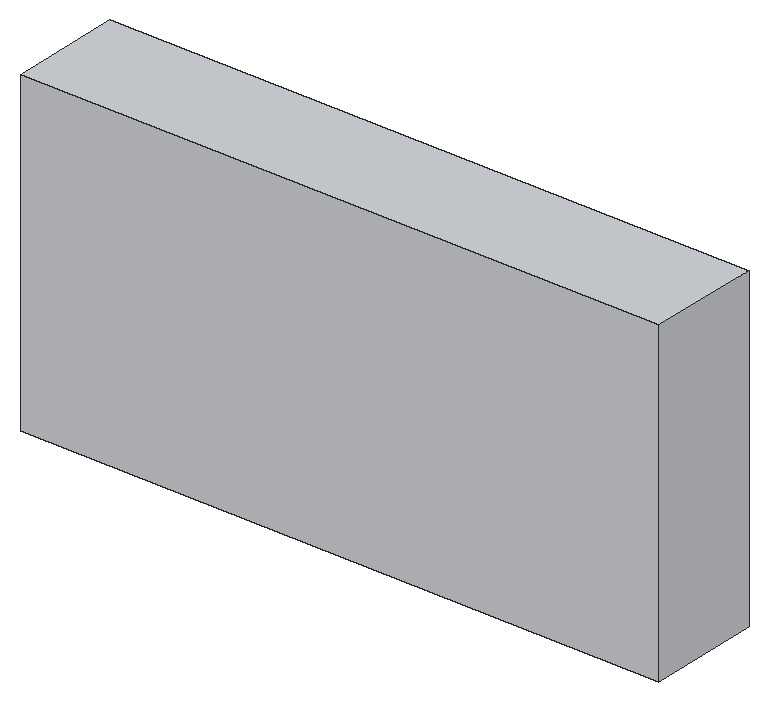
Revit family
Parameters
  Sign Thickness = 70 mm
  Height = 2200 mm
Reference planes
  plane 1 "Center (Front/Back)": y = -198
  plane 2: z = 0
  plane 3 "Center (Left/Right)": x = 0
  plane 4: z = 2200
  plane 5: y = -128
Forms (mm)
  Extrusion 1, solid
    sketch origin (0, -198, 0) x (1, 0, 0) y (0, 0, 1)
      loop
        line (200, 2100) -> (200, 2300) -> (-200, 2300) -> (-200, 2100) -> (200, 2100)
    from 0 to -70
Lines and regions (mm)
  model lines, style "Signage"
    curve 1: line (-186.667, -198, 2113.333) -> (-186.667, -198, 2286.667)
    curve 2: line (-186.667, -198, 2286.667) -> (186.667, -198, 2286.667)
    curve 3: line (186.667, -198, 2286.667) -> (186.667, -198, 2113.333)
    curve 4: line (186.667, -198, 2113.333) -> (-186.667, -198, 2113.333)
    curve 5: line (-161.521, -198, 2150.712) -> (-161.521, -198, 2162.191)
    curve 6: line (-161.521, -198, 2162.191) -> (-127.059, -198, 2162.191)
    curve 7: line (-112.277, -198, 2150.712) -> (-161.521, -198, 2150.712)
    curve 8: line (-112.277, -198, 2177.529) -> (-112.277, -198, 2150.712)
    curve 9: line (-87.618, -198, 2165.311) -> (-110.355, -198, 2177.529)
    curve 10: line (-87.618, -198, 2133.972) -> (-87.618, -198, 2165.311)
    curve 11: line (-74.498, -198, 2133.972) -> (-87.618, -198, 2133.972)
    curve 12: line (-74.498, -198, 2173.336) -> (-74.498, -198, 2133.972)
    curve 13: line (-100.728, -198, 2187.432) -> (-74.498, -198, 2173.336)
    curve 14: line (-87.703, -198, 2210.397) -> (-100.728, -198, 2187.432)
    curve 15: line (-87.703, -198, 2210.397) -> (-87.703, -198, 2196.317)
    curve 16: line (-46.399, -198, 2196.317) -> (-87.703, -198, 2196.317)
    curve 17: line (-46.399, -198, 2206.235) -> (-46.399, -198, 2196.317)
    curve 18: line (-46.399, -198, 2206.235) -> (-75.284, -198, 2206.235)
    curve 19: line (-75.284, -198, 2230.094) -> (-75.284, -198, 2206.235)
    curve 20: arc (-96.01, -198, 2240.796) -> (-87.517, -198, 2231.823) -> (-75.284, -198, 2230.094) r 18.724
    curve 21: line (-130.253, -198, 2240.796) -> (-96.01, -198, 2240.796)
    curve 22: line (-144.258, -198, 2214.764) -> (-130.253, -198, 2240.796)
    curve 23: line (-144.258, -198, 2214.764) -> (-144.258, -198, 2207.491)
    curve 24: line (-144.258, -198, 2207.491) -> (-134.668, -198, 2207.491)
    curve 25: line (-134.668, -198, 2207.491) -> (-122.065, -198, 2230.919)
    curve 26: line (-104.022, -198, 2230.919) -> (-122.065, -198, 2230.919)
    curve 27: line (-127.059, -198, 2190.3) -> (-104.022, -198, 2230.919)
    curve 28: line (-127.059, -198, 2162.191) -> (-127.059, -198, 2190.3)
    curve 29: arc (-63.758, -198, 2248.46) -> (-78.927, -198, 2263.629) -> (-94.095, -198, 2248.46) r 15.168
    curve 30: arc (-94.095, -198, 2248.46) -> (-78.927, -198, 2233.292) -> (-63.758, -198, 2248.46) r 15.168
    curve 31: line (-4.607, -198, 2241.455) -> (6.679, -198, 2241.455)
    curve 32: line (12.333, -198, 2263.629) -> (-4.607, -198, 2241.455)
    curve 33: line (29.274, -198, 2241.455) -> (12.333, -198, 2263.629)
    curve 34: line (17.988, -198, 2241.455) -> (29.274, -198, 2241.455)
    curve 35: line (17.988, -198, 2133.972) -> (17.988, -198, 2241.455)
    curve 36: line (6.679, -198, 2133.972) -> (17.988, -198, 2133.972)
    curve 37: line (96.822, -198, 2133.972) -> (96.822, -198, 2263.629)
    curve 38: line (96.822, -198, 2263.629) -> (166.312, -198, 2263.629)
    curve 39: line (166.312, -198, 2263.629) -> (166.312, -198, 2133.972)
    curve 40: line (166.312, -198, 2133.972) -> (96.822, -198, 2133.972)
    curve 41: line (6.679, -198, 2133.972) -> (6.679, -198, 2241.455)
  symbolic lines, style "2D Signage Placement Lines"
    curve 42: line (-150, -128, 0) -> (150, -128, 0)
    curve 43: line (0, -128, 0) -> (0, -278, 0)
Dimensions and locks
  "Height": plane 4 to level
  "Sign Thickness": plane 1 "Center (Front/Back)" to plane 5
  aligned and locked: plane 1 "Center (Front/Back)" to Extrusion 1
  aligned and locked: Extrusion 1 to plane 5
Automatic sketch dimensions
  plane 4 to Extrusion 1 sketch curve = 100 mm
  Extrusion 1 sketch curve to plane 3 "Center (Left/Right)" = 200 mm
  plane 3 "Center (Left/Right)" to Extrusion 1 sketch curve = 200 mm
  Extrusion 1 sketch curve to plane 4 = 100 mm
  curve 20 to curve 29 = 0 mm
  curve 20 to curve 30 = 0 mm
  curve 31 to plane 3 "Center (Left/Right)" = 4.607 mm
  plane 4 to curve 16 = 3.683 mm
  curve 16 to plane 3 "Center (Left/Right)" = 46.399 mm
  curve 30 to curve 17 = 17.359 mm
  curve 12 to curve 16 = 28.099 mm
  curve 20 to curve 29 = 11.526 mm
  curve 20 to curve 29 = 15.168 mm
  curve 10 to curve 12 = 13.121 mm
  curve 16 to curve 18 = 12.419 mm
  curve 20 to curve 29 = 1.915 mm
  plane 4 to curve 14 = 12.568 mm
  curve 14 to curve 15 = 13.025 mm
  curve 26 to curve 21 = 8.012 mm
  plane 4 to curve 9 = 22.471 mm
  curve 9 to curve 13 = 9.627 mm
  curve 8 to curve 9 = 1.922 mm
  curve 26 to curve 26 = 18.043 mm
  curve 6 to curve 7 = 14.782 mm
  curve 22 to plane 4 = 40.796 mm
  curve 22 to curve 25 = 8.188 mm
  curve 25 to plane 4 = 7.491 mm
  curve 25 to curve 27 = 7.609 mm
  curve 24 to curve 24 = 9.589 mm
  curve 5 to curve 6 = 34.462 mm
  curve 1 to curve 5 = 25.145 mm
  plane 3 "Center (Left/Right)" to curve 41 = 6.679 mm
  plane 3 "Center (Left/Right)" to curve 33 = 12.333 mm
  curve 36 to curve 35 = 11.309 mm
  curve 34 to curve 33 = 11.286 mm
  curve 35 to curve 40 = 78.834 mm
  curve 37 to curve 40 = 69.49 mm
  curve 38 to curve 2 = 20.355 mm
  curve 13 to curve 15 = 22.98 mm
  curve 10 to curve 12 = 8.026 mm
  plane 4 to curve 5 = 37.809 mm
  curve 7 to curve 5 = 11.479 mm
  plane 4 to curve 36 = 66.028 mm
  curve 10 to curve 7 = 16.74 mm
  plane 4 to curve 40 = 66.028 mm
  curve 1 to curve 5 = 37.379 mm
  curve 8 to curve 9 = 0 mm
  plane 4 to curve 27 = 9.7 mm
  curve 19 to plane 4 = 6.235 mm
  curve 14 to plane 4 = 10.397 mm
  curve 23 to curve 22 = 7.273 mm
  curve 14 to curve 20 = 19.697 mm
  curve 26 to curve 21 = 9.877 mm
  curve 35 to plane 4 = 41.455 mm
  curve 41 to curve 34 = 0 mm
  curve 31 to curve 32 = 22.174 mm
  curve 39 to plane 4 = 63.629 mm
  curve 21 to curve 2 = 45.87 mm
  curve 42 to plane 5 = 0 mm
  curve 43 to plane 3 "Center (Left/Right)" = 0 mm
  curve 42 to plane 3 "Center (Left/Right)" = 150 mm
  plane 3 "Center (Left/Right)" to curve 42 = 150 mm
  plane 1 "Center (Front/Back)" to curve 43 = 80 mm
